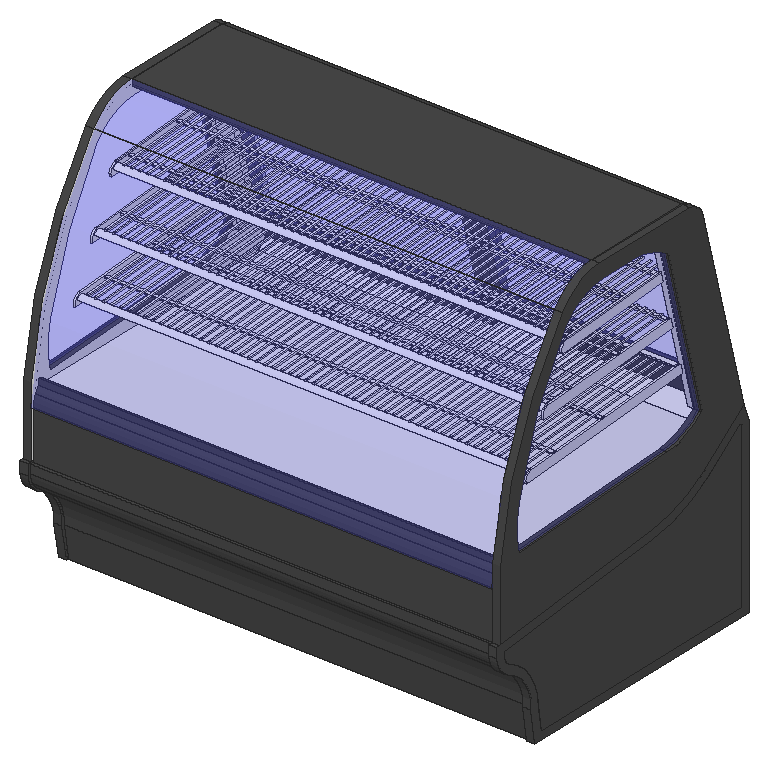
Revit family "QF_TRUE_TDM-R-59_cat", category Specialty Equipment, Revit 2014 (continued)
Automatic sketch dimensions
  Extrusion 5 sketch curve to Extrusion 5 sketch curve = 0.65073"
  Extrusion 5 sketch curve to Extrusion 5 sketch curve = 2.69723"
  Extrusion 5 sketch curve to Extrusion 5 sketch curve = 2.15576"
  Extrusion 5 sketch curve to Extrusion 5 sketch curve = 6.03608"
  Extrusion 5 sketch curve to Extrusion 5 sketch curve = 0"
  Extrusion 5 sketch curve to Extrusion 5 sketch curve = 3/4"
  Extrusion 5 sketch curve to Extrusion 5 sketch curve = 8.85718"
  Extrusion 5 sketch curve to Extrusion 5 sketch curve = 0.10052"
  Extrusion 5 sketch curve to Extrusion 5 sketch curve = 6.53568"
  Extrusion 5 sketch curve to Extrusion 5 sketch curve = 1.39448"
  Extrusion 5 sketch curve to Extrusion 5 sketch curve = 7.09137"
  Extrusion 5 sketch curve to Extrusion 2 = 3/4"
  Extrusion 6 sketch curve to Extrusion 6 sketch curve = 0"  (x6)
  Extrusion 6 sketch curve to level = 0"
  Extrusion 6 sketch curve to plane 1 "BACK" = 0"
  Extrusion 6 sketch curve to plane 5 "FRONT" = 0"
  plane 1 "BACK" to Extrusion 6 sketch curve = 0.67753"
  plane 1 "BACK" to Extrusion 6 sketch curve = 1"
  Extrusion 6 sketch curve to Extrusion 6 sketch curve = 0.18989"
  Extrusion 6 sketch curve to Extrusion 6 sketch curve = 5.35963"
  Extrusion 6 sketch curve to Extrusion 6 sketch curve = 0.58779"
  plane 8 "Center X" to Extrusion 6 sketch curve = 4.72168"
  Extrusion 6 sketch curve to Extrusion 6 sketch curve = 0.10453"
  plane 8 "Center X" to Extrusion 6 sketch curve = 2.90072"
  level to Extrusion 6 sketch curve = 1"
  Extrusion 6 sketch curve to plane 5 "FRONT" = 6.76294"
  Extrusion 6 sketch curve to Extrusion 6 sketch curve = 0.50101"
  Extrusion 6 sketch curve to Extrusion 6 sketch curve = 0.85408"
  Extrusion 6 sketch curve to Extrusion 6 sketch curve = 1.00105"
  Extrusion 6 sketch curve to plane 5 "FRONT" = 2.81402"
  Extrusion 6 sketch curve to plane 5 "FRONT" = 1"
  plane 5 "FRONT" to Extrusion 6 sketch curve = 0.52483"
  Extrusion 6 sketch curve to Extrusion 6 sketch curve = 3.09119"
  Extrusion 6 sketch curve to Extrusion 6 sketch curve = 0.07209"
  level to Extrusion 6 sketch curve = 4.20908"
  Extrusion 6 sketch curve to Extrusion 6 sketch curve = 7.79092"
  Extrusion 6 sketch curve to Extrusion 6 sketch curve = 0.02743"
  Extrusion 6 sketch curve to Extrusion 6 sketch curve = 0.11181"
  Extrusion 6 sketch curve to Extrusion 6 sketch curve = 0.32217"
  Extrusion 6 sketch curve to Extrusion 6 sketch curve = 1 1/4"
  level to Extrusion 6 sketch curve = 14.79029"
  Extrusion 6 sketch curve to Extrusion 6 sketch curve = 0.99452"
  Extrusion 6 sketch curve to Extrusion 6 sketch curve = 2.23711"
  Extrusion 6 sketch curve to Extrusion 6 sketch curve = 3.19373"
  Extrusion 6 sketch curve to Extrusion 6 sketch curve = 0.16429"
  Extrusion 6 sketch curve to Extrusion 6 sketch curve = 0.56231"
  Extrusion 6 sketch curve to Extrusion 6 sketch curve = 1.60832"
  Extrusion 7 sketch curve to plane 6 "TOP" = 0"
  Extrusion 7 sketch curve to plane 1 "BACK" = 11.78827"
  Extrusion 7 sketch curve to Extrusion 7 sketch curve = 3.52768"
  plane 1 "BACK" to Extrusion 7 sketch curve = 0.67753"
  plane 1 "BACK" to Extrusion 7 sketch curve = 6.94741"
  Extrusion 7 sketch curve to plane 6 "TOP" = 1.30801"
  plane 1 "BACK" to Extrusion 7 sketch curve = 7.14522"
  Extrusion 7 sketch curve to Extrusion 7 sketch curve = 0.28806"
  Extrusion 7 sketch curve to Extrusion 7 sketch curve = 1.86804"
  Extrusion 7 sketch curve to plane 6 "TOP" = 2.73263"
  Extrusion 7 sketch curve to Extrusion 7 sketch curve = 5.21288"
  Extrusion 7 sketch curve to plane 6 "TOP" = 3.44127"
  Extrusion 7 sketch curve to Extrusion 7 sketch curve = 3.01569"
  plane 8 "Center X" to Extrusion 7 sketch curve = 6.60958"
  plane 8 "Center X" to Extrusion 7 sketch curve = 4.61716"
  plane 8 "Center X" to Extrusion 7 sketch curve = 2.90072"
  plane 8 "Center X" to Extrusion 7 sketch curve = 1.81218"
  plane 8 "Center X" to Extrusion 7 sketch curve = 1.54577"
  Extrusion 7 sketch curve to plane 8 "Center X" = 2.95423"
  Extrusion 7 sketch curve to Extrusion 7 sketch curve = 0.42539"
  Extrusion 7 sketch curve to Extrusion 7 sketch curve = 0.555"
  Extrusion 7 sketch curve to plane 8 "Center X" = 4.06765"
  Extrusion 7 sketch curve to plane 5 "FRONT" = 3.33351"
  Extrusion 7 sketch curve to plane 5 "FRONT" = 0.49726"
  Extrusion 7 sketch curve to plane 6 "TOP" = 7 23/128"
  Extrusion 7 sketch curve to Extrusion 7 sketch curve = 2.4647"
  Extrusion 7 sketch curve to Extrusion 7 sketch curve = 1.90393"
  Extrusion 7 sketch curve to Extrusion 7 sketch curve = 5.46108"
  Extrusion 7 sketch curve to Extrusion 7 sketch curve = 0.23367"
  Extrusion 7 sketch curve to Extrusion 7 sketch curve = 6.27451"
  Extrusion 7 sketch curve to Extrusion 7 sketch curve = 7.01068"
  Extrusion 7 sketch curve to Extrusion 7 sketch curve = 2.22114"
  Extrusion 7 sketch curve to Extrusion 7 sketch curve = 2 7/8"
  Extrusion 7 sketch curve to Extrusion 7 sketch curve = 6.77647"
  Extrusion 7 sketch curve to Extrusion 7 sketch curve = 6.15922"
  Extrusion 7 sketch curve to Extrusion 7 sketch curve = 0.52363"
  Extrusion 7 sketch curve to Extrusion 7 sketch curve = 8.92766"
  Extrusion 7 sketch curve to Extrusion 7 sketch curve = 0.41907"
  plane 1 "BACK" to Extrusion 8 sketch curve = 1"
  Extrusion 8 sketch curve to Extrusion 8 sketch curve = 0.18989"
  Extrusion 8 sketch curve to Extrusion 8 sketch curve = 5.35963"
  plane 8 "Center X" to Extrusion 8 sketch curve = 4.72168"
  plane 8 "Center X" to Extrusion 8 sketch curve = 2.90072"
  level to Extrusion 8 sketch curve = 1"
  Extrusion 8 sketch curve to plane 5 "FRONT" = 6.76294"
  Extrusion 8 sketch curve to Extrusion 8 sketch curve = 0.50101"
  Extrusion 8 sketch curve to plane 5 "FRONT" = 2.81402"
  Extrusion 8 sketch curve to plane 5 "FRONT" = 1"
  plane 5 "FRONT" to Extrusion 8 sketch curve = 0.52483"
  Extrusion 8 sketch curve to Extrusion 8 sketch curve = 3.16328"
  level to Extrusion 8 sketch curve = 4.20908"
  Extrusion 8 sketch curve to Extrusion 8 sketch curve = 7.81835"
  Extrusion 8 sketch curve to Extrusion 8 sketch curve = 0.11181"
  Extrusion 8 sketch curve to Extrusion 8 sketch curve = 0.32217"
  level to Extrusion 8 sketch curve = 14.79029"
  Extrusion 8 sketch curve to Extrusion 8 sketch curve = 3.23163"
  Extrusion 8 sketch curve to Extrusion 8 sketch curve = 3.19373"
  Extrusion 8 sketch curve to Extrusion 8 sketch curve = 0.56231"
  Extrusion 9 sketch curve to plane 1 "BACK" = 11.78827"
  plane 1 "BACK" to Extrusion 9 sketch curve = 7.23547"
  Extrusion 9 sketch curve to Extrusion 9 sketch curve = 5.21288"
  Extrusion 9 sketch curve to plane 6 "TOP" = 3.44127"
  plane 8 "Center X" to Extrusion 9 sketch curve = 6.9496"
  plane 8 "Center X" to Extrusion 9 sketch curve = 6.60958"
  plane 8 "Center X" to Extrusion 9 sketch curve = 1.81218"
  plane 8 "Center X" to Extrusion 9 sketch curve = 1.54577"
  Extrusion 9 sketch curve to plane 8 "Center X" = 2.95423"
  Extrusion 9 sketch curve to plane 8 "Center X" = 4.06765"
  Extrusion 9 sketch curve to plane 5 "FRONT" = 3.33351"
  Extrusion 9 sketch curve to plane 6 "TOP" = 9.64439"
  Extrusion 9 sketch curve to Extrusion 9 sketch curve = 1.90393"
  Extrusion 9 sketch curve to Extrusion 9 sketch curve = 5.69475"
  Extrusion 9 sketch curve to Extrusion 9 sketch curve = 6.27451"
  Extrusion 9 sketch curve to Extrusion 9 sketch curve = 1.65819"
  Extrusion 9 sketch curve to Extrusion 9 sketch curve = 2 7/8"
  level to Extrusion 9 sketch curve = 16.70343"
  Extrusion 9 sketch curve to plane 6 "TOP" = 4.70126"
  Extrusion 10 sketch curve to Extrusion 2 = 0"
  Extrusion 10 sketch curve to Extrusion 10 sketch curve = 11.9933"
  Extrusion 10 sketch curve to Extrusion 10 sketch curve = 3.46882"
  Extrusion 10 sketch curve to Extrusion 10 sketch curve = 0.28263"
  Extrusion 11 to Extrusion 12 sketch curve = 0"
  Extrusion 12 sketch curve to Extrusion 11 = 0"  (x4)
  Extrusion 11 to Extrusion 12 sketch curve = 1"
  Extrusion 12 sketch curve to Extrusion 12 sketch curve = 27 5/8"
  Extrusion 12 sketch curve to Extrusion 12 sketch curve = 1"
  Extrusion 13 sketch curve to Extrusion 7 = 1"
  Extrusion 7 to Extrusion 13 sketch curve = 3"
  Extrusion 13 sketch curve to Extrusion 7 = 3"
  Extrusion 13 sketch curve to Extrusion 13 sketch curve = 26 5/8"
  Extrusion 14 sketch curve to Extrusion 12 = 0"  (x4)
  Extrusion 13 to Extrusion 15 sketch curve = 0"
  Extrusion 13 to Extrusion 15 sketch curve = 5.88616"
  Extrusion 15 sketch curve to Extrusion 13 = 1/2"
  Extrusion 15 sketch curve to Extrusion 15 sketch curve = 0.28668"
  Extrusion 15 sketch curve to Extrusion 13 = 17/32"
  Extrusion 15 sketch curve to Extrusion 13 = 2.67795"
  Extrusion 15 sketch curve to Extrusion 15 sketch curve = 0.53446"
  Extrusion 14 to Extrusion 16 sketch curve = 0"
  Extrusion 16 sketch curve to Extrusion 14 = 5.88616"
  Extrusion 16 sketch curve to Extrusion 14 = 1/2"
  Extrusion 16 sketch curve to Extrusion 16 sketch curve = 0.28668"
  Extrusion 16 sketch curve to Extrusion 14 = 17/32"
  Extrusion 16 sketch curve to Extrusion 14 = 2.67795"
  Extrusion 16 sketch curve to Extrusion 16 sketch curve = 0.53446"
  Extrusion 17 sketch curve to Extrusion 17 sketch curve = 0"  (x4)
  Extrusion 17 sketch curve to Extrusion 2 = 0"
  Extrusion 2 to Extrusion 17 sketch curve = 16.04048"
  Extrusion 2 to Extrusion 17 sketch curve = 9.14166"
  Extrusion 2 to Extrusion 17 sketch curve = 13.69951"
  Extrusion 17 sketch curve to Extrusion 17 sketch curve = 24.00375"
  Extrusion 2 to Extrusion 17 sketch curve = 4.21564"
  Extrusion 17 sketch curve to Extrusion 17 sketch curve = 6.34123"
  Extrusion 2 to Extrusion 17 sketch curve = 13 63/64"
  Extrusion 17 sketch curve to Extrusion 17 sketch curve = 6.92501"
  Extrusion 2 to Extrusion 17 sketch curve = 13.99235"
  Extrusion 17 sketch curve to Extrusion 17 sketch curve = 0.24988"
  Extrusion 17 sketch curve to Extrusion 17 sketch curve = 0.90185"
  Extrusion 17 sketch curve to Extrusion 17 sketch curve = 0.25006"
  Extrusion 2 to Extrusion 17 sketch curve = 28.66727"
  Extrusion 17 sketch curve to Extrusion 17 sketch curve = 28.9909"
  Extrusion 17 sketch curve to Extrusion 17 sketch curve = 0.1866"
  Extrusion 18 sketch curve to Extrusion 2 = 0"  (x2)
  Extrusion 18 sketch curve to Extrusion 2 = 3/4"
  Extrusion 18 sketch curve to Extrusion 18 sketch curve = 13.47452"
  Extrusion 18 sketch curve to Extrusion 18 sketch curve = 13.17675"
  Extrusion 18 sketch curve to Extrusion 18 sketch curve = 2.15576"
  Extrusion 18 sketch curve to Extrusion 18 sketch curve = 0.41008"
  Extrusion 18 sketch curve to Extrusion 18 sketch curve = 0"
  Extrusion 18 sketch curve to Extrusion 18 sketch curve = 3/4"
  Extrusion 2 to Extrusion 18 sketch curve = 33.94016"
  Extrusion 18 sketch curve to Extrusion 18 sketch curve = 1.09137"
  Extrusion 18 sketch curve to Extrusion 18 sketch curve = 1.18273"
  Extrusion 19 sketch curve to Extrusion 2 = 0"  (x3)
  Extrusion 2 to Extrusion 19 sketch curve = 0"  (x2)
  Extrusion 19 sketch curve to Extrusion 2 = 3/4"
  Extrusion 19 sketch curve to Extrusion 19 sketch curve = 13.47452"
  Extrusion 19 sketch curve to Extrusion 19 sketch curve = 11.86369"
  Extrusion 19 sketch curve to Extrusion 19 sketch curve = 2.40727"
  Extrusion 19 sketch curve to Extrusion 19 sketch curve = 1/4"
  Extrusion 19 sketch curve to Extrusion 19 sketch curve = 0.81155"
  Extrusion 19 sketch curve to Extrusion 19 sketch curve = 0"
  Extrusion 19 sketch curve to Extrusion 19 sketch curve = 3/4"
  Extrusion 2 to Extrusion 19 sketch curve = 25.71044"
  Extrusion 19 sketch curve to Extrusion 19 sketch curve = 2.22972"
  Extrusion 19 sketch curve to Extrusion 19 sketch curve = 0.77307"
  Extrusion 20 sketch curve to plane 6 "TOP" = 0"
  Extrusion 20 sketch curve to plane 1 "BACK" = 8.26059"
  plane 1 "BACK" to Extrusion 20 sketch curve = 0.67753"
  plane 1 "BACK" to Extrusion 20 sketch curve = 6.94741"
  Extrusion 20 sketch curve to plane 6 "TOP" = 1.30801"
  plane 1 "BACK" to Extrusion 20 sketch curve = 7.14522"
  Extrusion 20 sketch curve to Extrusion 20 sketch curve = 1.86804"
  Extrusion 20 sketch curve to plane 6 "TOP" = 2.73263"
  plane 8 "Center X" to Extrusion 20 sketch curve = 4.61716"
  plane 8 "Center X" to Extrusion 20 sketch curve = 2.90072"
  Extrusion 20 sketch curve to plane 8 "Center X" = 3.37961"
  Extrusion 20 sketch curve to plane 8 "Center X" = 3.50923"
  Extrusion 20 sketch curve to plane 5 "FRONT" = 0.49726"
  Extrusion 20 sketch curve to plane 6 "TOP" = 7 23/128"
  Extrusion 20 sketch curve to Extrusion 20 sketch curve = 9.82971"
  Extrusion 20 sketch curve to Extrusion 20 sketch curve = 8.72932"
  Extrusion 20 sketch curve to Extrusion 20 sketch curve = 4.55534"
  Extrusion 20 sketch curve to Extrusion 20 sketch curve = 6.15922"
  level to Extrusion 20 sketch curve = 13.30226"
  Extrusion 21 sketch curve to plane 6 "TOP" = 0"
  Extrusion 21 sketch curve to plane 1 "BACK" = 8.26059"
  plane 1 "BACK" to Extrusion 21 sketch curve = 0.67753"
  plane 1 "BACK" to Extrusion 21 sketch curve = 6.94741"
  Extrusion 21 sketch curve to plane 6 "TOP" = 1.30801"
  plane 1 "BACK" to Extrusion 21 sketch curve = 7.14522"
  Extrusion 21 sketch curve to Extrusion 21 sketch curve = 1.86804"
  Extrusion 21 sketch curve to plane 6 "TOP" = 2.73263"
  plane 8 "Center X" to Extrusion 21 sketch curve = 4.61716"
  plane 8 "Center X" to Extrusion 21 sketch curve = 2.90072"
  Extrusion 21 sketch curve to plane 8 "Center X" = 3.37961"
  Extrusion 21 sketch curve to plane 8 "Center X" = 3.50923"
  Extrusion 21 sketch curve to plane 5 "FRONT" = 0.49726"
  Extrusion 21 sketch curve to plane 6 "TOP" = 7 23/128"
  Extrusion 21 sketch curve to Extrusion 21 sketch curve = 9.82971"
  Extrusion 21 sketch curve to Extrusion 21 sketch curve = 8.72932"
  Extrusion 21 sketch curve to Extrusion 21 sketch curve = 4.55534"
  Extrusion 21 sketch curve to Extrusion 21 sketch curve = 6.15922"
  level to Extrusion 21 sketch curve = 13.30226"
  Extrusion 22 sketch curve to plane 6 "TOP" = 0"
  Extrusion 22 sketch curve to plane 5 "FRONT" = 0.49726"
  Extrusion 22 sketch curve to plane 8 "Center X" = 3.50923"
  Extrusion 22 sketch curve to plane 8 "Center X" = 3.37961"
  plane 8 "Center X" to Extrusion 22 sketch curve = 2.90072"
  plane 8 "Center X" to Extrusion 22 sketch curve = 4.61716"
  Extrusion 22 sketch curve to plane 6 "TOP" = 2.73263"
  plane 1 "BACK" to Extrusion 22 sketch curve = 9.53471"
  Extrusion 22 sketch curve to Extrusion 22 sketch curve = 0.52145"
  Extrusion 22 sketch curve to plane 6 "TOP" = 1.30801"
  plane 1 "BACK" to Extrusion 22 sketch curve = 6.94741"
  plane 1 "BACK" to Extrusion 22 sketch curve = 0.67753"
  Extrusion 22 sketch curve to plane 1 "BACK" = 8.26059"
  Extrusion 22 sketch curve to plane 6 "TOP" = 7 23/128"
  Extrusion 22 sketch curve to Extrusion 22 sketch curve = 9.82971"
  Extrusion 22 sketch curve to Extrusion 22 sketch curve = 8.72932"
  Extrusion 22 sketch curve to Extrusion 22 sketch curve = 4.55534"
  Extrusion 22 sketch curve to Extrusion 22 sketch curve = 6.15922"
  level to Extrusion 22 sketch curve = 13.30226"
  Extrusion 23 sketch curve to plane 6 "TOP" = 0"
  Extrusion 23 sketch curve to plane 5 "FRONT" = 0.49726"
  Extrusion 23 sketch curve to plane 8 "Center X" = 3.50923"
  Extrusion 23 sketch curve to plane 8 "Center X" = 3.37961"
  plane 8 "Center X" to Extrusion 23 sketch curve = 2.90072"
  plane 8 "Center X" to Extrusion 23 sketch curve = 4.61716"
  Extrusion 23 sketch curve to plane 6 "TOP" = 2.73263"
  plane 1 "BACK" to Extrusion 23 sketch curve = 9.53471"
  Extrusion 23 sketch curve to Extrusion 23 sketch curve = 0.52145"
  Extrusion 23 sketch curve to plane 6 "TOP" = 1.30801"
  plane 1 "BACK" to Extrusion 23 sketch curve = 6.94741"
  plane 1 "BACK" to Extrusion 23 sketch curve = 0.67753"
  Extrusion 23 sketch curve to plane 1 "BACK" = 8.26059"
  Extrusion 23 sketch curve to plane 6 "TOP" = 7 23/128"
  Extrusion 23 sketch curve to Extrusion 23 sketch curve = 9.82971"
  Extrusion 23 sketch curve to Extrusion 23 sketch curve = 8.72932"
  Extrusion 23 sketch curve to Extrusion 23 sketch curve = 4.55534"
  Extrusion 23 sketch curve to Extrusion 23 sketch curve = 6.15922"
  level to Extrusion 23 sketch curve = 13.30226"
  Extrusion 24 sketch curve to Extrusion 25 = 8 241/256"
  Extrusion 25 to Extrusion 24 sketch curve = 23.8279"
  Extrusion 24 sketch curve to Extrusion 24 sketch curve = 0.82152"
  Extrusion 24 sketch curve to Extrusion 24 sketch curve = 0.06551"  (x3)
  Extrusion 24 sketch curve to Extrusion 24 sketch curve = 1.85904"
  Extrusion 24 sketch curve to Extrusion 24 sketch curve = 0.79146"
  Extrusion 24 sketch curve to Extrusion 24 sketch curve = 2.08354"
  Extrusion 24 sketch curve to Extrusion 24 sketch curve = 0.81696"
  Extrusion 24 sketch curve to Extrusion 24 sketch curve = 15.5841"
  Extrusion 24 sketch curve to Extrusion 24 sketch curve = 0.31214"
  Extrusion 24 sketch curve to Extrusion 24 sketch curve = 1.20557"
  Extrusion 24 sketch curve to Extrusion 24 sketch curve = 0.32895"
  Extrusion 24 sketch curve to Extrusion 24 sketch curve = 1.19331"
  Extrusion 24 sketch curve to Extrusion 24 sketch curve = 0.30872"
  Extrusion 24 sketch curve to Extrusion 24 sketch curve = 0.30837"
  Extrusion 24 sketch curve to Extrusion 24 sketch curve = 1.46115"
  Extrusion 24 sketch curve to Extrusion 24 sketch curve = 1.16615"
  Extrusion 24 sketch curve to Extrusion 24 sketch curve = 4.72097"
  Extrusion 24 sketch curve to Extrusion 24 sketch curve = 0.38408"
  Extrusion 24 sketch curve to Extrusion 24 sketch curve = 4.50753"
  Extrusion 24 sketch curve to Extrusion 24 sketch curve = 1.24255"
  Extrusion 24 sketch curve to Extrusion 24 sketch curve = 4.78386"
  Extrusion 24 sketch curve to Extrusion 24 sketch curve = 0.32119"
  Extrusion 24 sketch curve to Extrusion 24 sketch curve = 4.55386"
  Extrusion 24 sketch curve to Extrusion 24 sketch curve = 1.17905"
  Extrusion 25 sketch curve to Extrusion 23 = 3.44127"
  Extrusion 25 sketch curve to Extrusion 23 = 5.77112"
  Extrusion 25 sketch curve to Extrusion 23 = 2.92943"
  Extrusion 25 sketch curve to Extrusion 25 sketch curve = 1.9334"
  Extrusion 25 sketch curve to Extrusion 23 = 23.51758"
  Extrusion 26 sketch curve to Extrusion 7 = 0"
  Extrusion 7 to Extrusion 26 sketch curve = 0"
  Extrusion 7 to Extrusion 26 sketch curve = 21.0515"
  Extrusion 26 sketch curve to Extrusion 7 = 2"
  Extrusion 7 to Extrusion 26 sketch curve = 0.97519"
  Extrusion 27 sketch curve to Extrusion 26 = 0.91246"
  Extrusion 27 sketch curve to Extrusion 26 = 4.17588"
  Extrusion 27 sketch curve to Extrusion 27 sketch curve = 0.30872"
  Extrusion 27 sketch curve to Extrusion 27 sketch curve = 1.19331"
  Extrusion 27 sketch curve to Extrusion 27 sketch curve = 0.32895"
  Extrusion 27 sketch curve to Extrusion 27 sketch curve = 1.20557"
  Extrusion 27 sketch curve to Extrusion 27 sketch curve = 0.31214"
  Extrusion 27 sketch curve to Extrusion 27 sketch curve = 15.51859"
  Extrusion 27 sketch curve to Extrusion 27 sketch curve = 0.06551"  (x3)
  Extrusion 27 sketch curve to Extrusion 27 sketch curve = 0.88247"
  Extrusion 27 sketch curve to Extrusion 27 sketch curve = 2.01803"
  Extrusion 27 sketch curve to Extrusion 27 sketch curve = 0.85697"
  Extrusion 27 sketch curve to Extrusion 27 sketch curve = 1.79353"
  Extrusion 27 sketch curve to Extrusion 27 sketch curve = 0.88703"
  Extrusion 27 sketch curve to Extrusion 27 sketch curve = 0.52433"
  Extrusion 27 sketch curve to Extrusion 27 sketch curve = 0.93681"
  Extrusion 27 sketch curve to Extrusion 27 sketch curve = 1.16615"
  Extrusion 27 sketch curve to Extrusion 27 sketch curve = 4.72097"
  Extrusion 27 sketch curve to Extrusion 27 sketch curve = 0.38408"
  Extrusion 27 sketch curve to Extrusion 27 sketch curve = 4.50753"
  Extrusion 27 sketch curve to Extrusion 27 sketch curve = 1.24255"
  Extrusion 27 sketch curve to Extrusion 27 sketch curve = 4.78386"
  Extrusion 27 sketch curve to Extrusion 27 sketch curve = 0.32119"
  Extrusion 27 sketch curve to Extrusion 27 sketch curve = 4.55386"
  Extrusion 27 sketch curve to Extrusion 27 sketch curve = 1.17905"
  Extrusion 28 sketch curve to Extrusion 24 = 0"  (x16)
  Extrusion 28 sketch curve to Extrusion 28 sketch curve = 0.06551"
  Extrusion 28 sketch curve to Extrusion 28 sketch curve = 0.72313"
  Extrusion 28 sketch curve to Extrusion 28 sketch curve = 1.93829"
  Extrusion 28 sketch curve to Extrusion 28 sketch curve = 0.75183"
  Extrusion 28 sketch curve to Extrusion 28 sketch curve = 0.03577"  (x2)
  Extrusion 28 sketch curve to Extrusion 28 sketch curve = 3.47763"
  Extrusion 28 sketch curve to Extrusion 28 sketch curve = 1/2"  (x6)
  Extrusion 28 sketch curve to Extrusion 28 sketch curve = 0.7876"
  Extrusion 28 sketch curve to Extrusion 28 sketch curve = 3.23527"
  Extrusion 28 sketch curve to Extrusion 28 sketch curve = 1.60449"
  Extrusion 28 sketch curve to Extrusion 28 sketch curve = 6.98173"
  Extrusion 28 sketch curve to Extrusion 28 sketch curve = 1.94775"
  Extrusion 28 sketch curve to Extrusion 28 sketch curve = 0.75985"
  Extrusion 28 sketch curve to Extrusion 28 sketch curve = 4.3648"
  Extrusion 28 sketch curve to Extrusion 28 sketch curve = 0.06782"  (x6)
  Extrusion 28 sketch curve to Extrusion 28 sketch curve = 0.49878"  (x3)
  Extrusion 28 sketch curve to Extrusion 28 sketch curve = 0.9511"
  Extrusion 28 sketch curve to Extrusion 28 sketch curve = 0.95565"
  Extrusion 28 sketch curve to Extrusion 28 sketch curve = 0.1724"  (x4)
  Extrusion 28 sketch curve to Extrusion 28 sketch curve = 0.25619"  (x6)
  Extrusion 28 sketch curve to Extrusion 28 sketch curve = 1.19852"
  Extrusion 28 sketch curve to Extrusion 28 sketch curve = 0.51147"
  Extrusion 28 sketch curve to Extrusion 28 sketch curve = 0.13744"  (x2)
  Extrusion 32 sketch curve to Extrusion 5 = 9.6153"
  Extrusion 5 to Extrusion 32 sketch curve = 28 5/8"
  Extrusion 11 sketch curve to Extrusion 7 = 0"  (x3)
  Extrusion 11 sketch curve to Extrusion 7 = 1"
  Extrusion 7 to Extrusion 11 sketch curve = 3"
  Extrusion 11 sketch curve to Extrusion 7 = 3"
  Extrusion 11 sketch curve to Extrusion 11 sketch curve = 26 5/8"
  Extrusion 11 sketch curve to Extrusion 11 sketch curve = 1"
  Extrusion 24 to Extrusion 31 sketch curve = 0"  (x55)
  Extrusion 24 to Extrusion 31 sketch curve = 2.23154"  (x4)
  Extrusion 31 sketch curve to Extrusion 31 sketch curve = 0"  (x51)
  Extrusion 31 sketch curve to Extrusion 24 = 3/4"
  Extrusion 31 sketch curve to Extrusion 31 sketch curve = 1/4"  (x55)
  Extrusion 31 sketch curve to Extrusion 31 sketch curve = 3/4"  (x54)
  Extrusion 24 to Extrusion 30 sketch curve = 1.1141"  (x4)
  Extrusion 30 sketch curve to Extrusion 30 sketch curve = 0"  (x51)
  Extrusion 24 to Extrusion 30 sketch curve = 0.03979"  (x55)
  Extrusion 30 sketch curve to Extrusion 24 = 3/4"
  Extrusion 30 sketch curve to Extrusion 30 sketch curve = 1/4"  (x55)
  Extrusion 30 sketch curve to Extrusion 30 sketch curve = 3/4"  (x54)
  Extrusion 29 sketch curve to Extrusion 24 = 0"  (x3)
  Extrusion 24 to Extrusion 29 sketch curve = 0"  (x56)
  Extrusion 24 to Extrusion 29 sketch curve = 0.02978"  (x57)
  Extrusion 29 sketch curve to Extrusion 24 = 3/4"
  Extrusion 29 sketch curve to Extrusion 29 sketch curve = 1/4"  (x56)
  Extrusion 29 sketch curve to Extrusion 29 sketch curve = 3/4"  (x55)
  radius of Extrusion 5 sketch curve to Extrusion 2 = 0"
  radius of Extrusion 10 sketch curve to Extrusion 2 = 0"  (x2)
  radius of Extrusion 10 sketch curve to Extrusion 2 = 1/2"  (x2)
  radius of Extrusion 18 sketch curve to Extrusion 2 = 0"
  radius of Extrusion 19 sketch curve to Extrusion 2 = 0"
  radius of Extrusion 28 sketch curve to Extrusion 24 = 0"  (x2)
  radius of Extrusion 32 sketch curve = 1/4"
Connectors (in)
  electrical at (29.625, -0.55253, 9.6153), driven by "Volts", driven by "Watts"
    settings: on Extrusion 32, index 1, voltage 115 V, apparent load 1380 VA, apparent load phase1 0 VA, apparent load phase2 0 VA, apparent load phase3 0 VA, power factor 1, load classification "Other", number of poles 1, system type 30, power factor state 1, is connector primary yes, connector utility no, sub classification motor no, connector description "ELECTRICAL CONNECTION"
